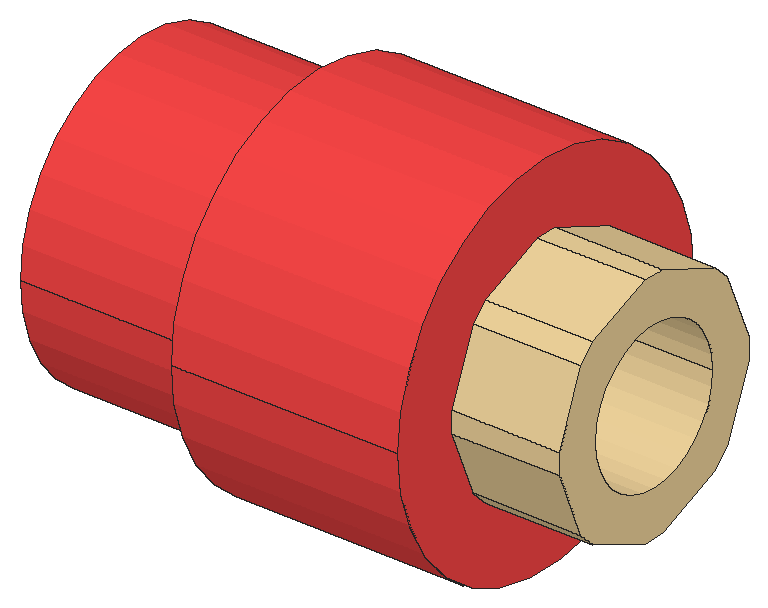
Revit family "Aquatherm_Переходник B1_2", category Соединительные детали трубопроводов, Revit 2019
Family settings
  Размер круглого соединителя = Использовать диаметр
  Тип детали = Переход
  На основе рабочей плоскости = Нет
  Всегда вертикально = Да
  При загрузке вырезать с полостями = Нет
  Общий = Нет
Parameters
  Материал_Корпус_2 = AquaTherm латунь pipe
  Материал_Корпус = AquaTherm red pipe
  z [instance] = size_lookup("Переходник", "z", 18 mm, d, R)  # 20 mm
  n [instance] = z  # 20 mm
  m [instance] = l  # 36 mm
  d1 [instance] = R - 8 mm  # 7 mm
  URL = "www.agpipe.ru"
  l [instance] = size_lookup("Переходник", "l", 18 mm, d, R)  # 36 mm
  d [instance] = 25 mm
  SW' [instance] = SW - 1 mm  # 23 mm
  SW [instance] = size_lookup("Переходник", "SW", 18 mm, d, R)  # 24 mm
  R [instance] = 15 mm
  L [instance] = size_lookup("Переходник", "L", 18 mm, d, R)  # 52 mm
  D2 [instance] = D1 + 4 mm  # 35 mm
  D1 [instance] = d + 6 mm  # 31 mm
  D [instance] = size_lookup("Переходник", "D", 18 mm, d, R)  # 37.5 mm
  ADSK_Примечание = ""
  ADSK_Позиция [instance] = ""
  ADSK_Обозначение = ""
  ADSK_Наименование [instance] = size_lookup("Переходник", "ADSK_Наименование", "Нет в каталоге", d, R)  # "Переходник/B1 DN25x1/2''"
  ADSK_Масса_Текст [instance] = size_lookup("Переходник", "ADSK_Масса_Текст", "Нет в каталоге", d, R)  # "0.087"
  ADSK_Код изделия [instance] = size_lookup("Переходник", "ADSK_Код изделия", "Нет в каталоге", d, R)  # "4121111"
  ADSK_Завод-изготовитель [instance] = "Aquatherm"  # constant formula
  ADSK_Единица измерения = "шт."  # constant formula
  1 [instance] = 1 = 1  # yes
Reference planes
  plane 1 "По центру (Вперед/Назад)": y = 0
  plane 2: z = 0
  plane 3 "По центру (Влево/Вправо)": x = 0
  plane 4: x = -26
  plane 5: x = 26
  plane 6: x = -10
  plane 7: x = 10
  plane 8: x = 15
Forms (mm)
  Extrusion 1, solid, material "AquaTherm red pipe" <- "Материал_Корпус", visible <- "1"
    sketch origin (0, 0, 0) x (0, 1, 0) y (0, 0, 1)
      loop
        circle (0, 0) r 15.5
    from -26 to -8.05
  Extrusion 2, solid, material "AquaTherm red pipe" <- "Материал_Корпус", visible <- "1"
    sketch origin (0, 0, 0) x (0, 1, 0) y (0, 0, 1)
      loop
        circle (0, 0) r 18.75
    from -8.05 to 15
  Extrusion 3, void
    sketch origin (0, 0, 0) x (0, 1, 0) y (0, 0, 1)
      loop
        circle (0, 0) r 7.5
    from 10 to 26
  Extrusion 4, void
    sketch origin (0, 0, 0) x (0, 1, 0) y (0, 0, 1)
      loop
        circle (0, 0) r 12.5
    from -26 to -8.05
  Extrusion 5, void
    sketch origin (0, 0, 0) x (0, 1, 0) y (0, 0, 1)
      loop
        circle (0, 0) r 3.5
    from -8.05 to 10
  Extrusion 6, solid, material "AquaTherm латунь pipe" <- "Материал_Корпус_2", visible <- "1"
    sketch origin (0, 0, 0) x (0, 1, 0) y (0, 0, 1)
      loop
        line (-4.971, 12) -> (-12, 4.971) -> (-12, -4.971) -> (-4.971, -12) -> (4.971, -12) -> (12, -4.971) -> (12, 4.971) -> (4.971, 12) -> (-4.971, 12)
      loop
        circle (0, 0) r 7.5
    from 15 to 26
  Extrusion 7, void
    sketch origin (0, 0, 0) x (0, 1, 0) y (0, 0, 1)
      loop
        line (0, 12.448) -> (-8.802, 8.802) -> (-12.448, 0) -> (-8.802, -8.802) -> (0, -12.448) -> (8.802, -8.802) -> (12.448, 0) -> (8.802, 8.802) -> (0, 12.448)
      loop
        circle (0, 0) r 37.5
    from 15 to 26
Cuts and joins
  Extrusion 4, Extrusion 5 cuts Extrusion 1
  Extrusion 3, Extrusion 4, Extrusion 5, Extrusion 7 cuts Extrusion 2
  Extrusion 7 cuts Extrusion 6
Lines and regions (mm)
  reference lines
    curve 1: line (-10, 0, 0) -> (10, 0, 0)
Dimensions and locks
  equal spacing: plane 4, plane 3 "По центру (Влево/Вправо)", plane 5
  "L": plane 4 to plane 5
  "l": plane 4 to plane 7
  locked: plane 6 to Extrusion 1 at 1.95
  equal spacing: Extrusion 6 sketch curve, level, Extrusion 6 sketch curve
  "SW": Extrusion 6 sketch curve to Extrusion 6 sketch curve  (x4)
  equal spacing: Extrusion 6 sketch curve, plane 1 "По центру (Вперед/Назад)", Extrusion 6 sketch curve  (x3)
  equal spacing: Extrusion 7 sketch curve, plane 1 "По центру (Вперед/Назад)", Extrusion 7 sketch curve  (x4)
  "SW'": Extrusion 7 sketch curve to Extrusion 7 sketch curve  (x4)
  "z": plane 6 to plane 7
  "D1": diameter of Extrusion 1 sketch curve
  "D": diameter of Extrusion 2 sketch curve
  "R": diameter of Extrusion 3 sketch curve
  "d": diameter of Extrusion 4 sketch curve
  "d1": diameter of Extrusion 5 sketch curve
  "D": radius of Extrusion 7 sketch curve
  "R": diameter of Extrusion 6 sketch curve
  locked: Extrusion 6 sketch curve to Extrusion 6 sketch curve (angle 135.00°)  (x4)
  locked: Extrusion 7 sketch curve to Extrusion 7 sketch curve (angle 135.00°)  (x4)
  aligned and locked: level to plane 2
  aligned and locked: Extrusion 1 to plane 4
  aligned and locked: Extrusion 2 to Extrusion 1
  aligned and locked: plane 5 to Extrusion 3
  aligned and locked: Extrusion 3 to plane 7
  aligned and locked: Extrusion 4 to plane 4
  aligned and locked: plane 7 to Extrusion 5
  aligned and locked: plane 8 to Extrusion 2
  aligned and locked: plane 5 to Extrusion 6
  aligned and locked: Extrusion 6 to plane 8
  aligned and locked: Extrusion 7 to plane 8
  aligned and locked: plane 5 to Extrusion 7
  aligned and locked: Extrusion 2 to Extrusion 5
  aligned and locked: plane 6 to curve 1
  aligned and locked: plane 7 to curve 1
  aligned and locked: Extrusion 4 to Extrusion 2
Automatic sketch dimensions
  plane 1 "По центру (Вперед/Назад)" to curve 1 = 0 mm
  Extrusion 1 sketch curve to level = 0 mm
  Extrusion 1 sketch curve to plane 1 "По центру (Вперед/Назад)" = 0 mm
  Extrusion 2 sketch curve to level = 0 mm
  Extrusion 2 sketch curve to plane 1 "По центру (Вперед/Назад)" = 0 mm
  Extrusion 3 sketch curve to level = 0 mm
  Extrusion 3 sketch curve to plane 1 "По центру (Вперед/Назад)" = 0 mm
  Extrusion 4 sketch curve to level = 0 mm
  Extrusion 4 sketch curve to plane 1 "По центру (Вперед/Назад)" = 0 mm
  Extrusion 5 sketch curve to level = 0 mm
  Extrusion 5 sketch curve to plane 1 "По центру (Вперед/Назад)" = 0 mm
  Extrusion 6 sketch curve to level = 0 mm
  Extrusion 6 sketch curve to plane 1 "По центру (Вперед/Назад)" = 0 mm
  Extrusion 7 sketch curve to plane 1 "По центру (Вперед/Назад)" = 0 mm  (x2)
  Extrusion 7 sketch curve to level = 0 mm  (x2)
Connectors
  piping at (-10, 0, 0), diameter 25, driven by "d"
    settings: on curve 1, index 1, connector inside diameter 609.6 mm, connector length 0 mm, flow factor 0, pipe flow 0.0 L/s, pressure drop 0.0 Pa, fitting loss kfactor 0, connector angle 0.00°, fixture units 0, engagement length 0 mm, angle of deflection 0.00°, flow configuration 0, flow direction 0, fitting loss method 0, system type 28, joint type 0, gender type 0, connector reference index 2, connector utility 0, adjustable connector no, is connector primary yes, connector description ""
  piping at (10, 0, 0), diameter 15, driven by "R"
    settings: on curve 1, index 2, connector inside diameter 609.6 mm, connector length 0 mm, flow factor 0, pipe flow 0.0 L/s, pressure drop 0.0 Pa, fitting loss kfactor 0, connector angle 0.00°, fixture units 0, engagement length 0 mm, angle of deflection 0.00°, flow configuration 0, flow direction 0, fitting loss method 0, system type 28, joint type 0, gender type 0, connector reference index 1, connector utility 0, adjustable connector no, is connector primary no, connector description ""
